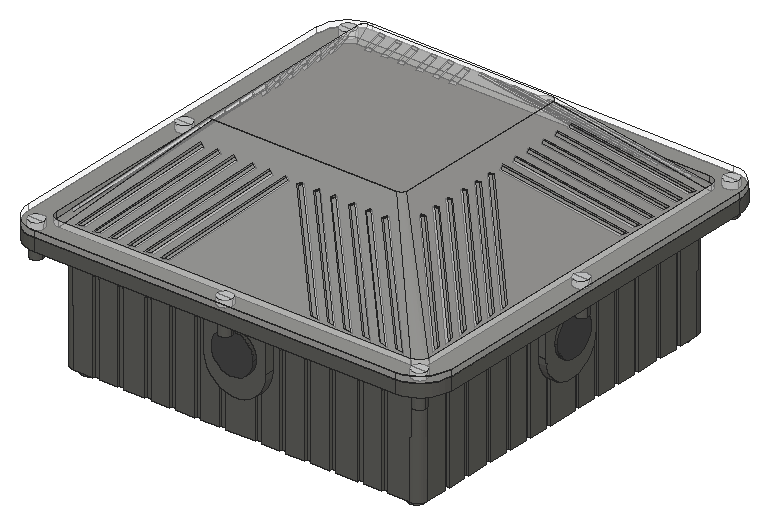
Revit family "SGC", category Lighting Fixtures, host Face, Revit 2021
Family settings
  Host = Face
  Round Connector Dimension = Use Diameter
  Part Type = Normal
  OmniClass Number = 23.80.70.14
  OmniClass Title = Luminaries for External Lighting
  Cut with Voids When Loaded = No
  Light Source = Yes
  Shared = Yes
  Room Calculation Point = No
Parameters (values of type "SGC-20-4K")
  Width 1 = 5.000"
  Width = 11.630"
  Watts = 25 W
  Wattage Comments = "25W"
  Wattage = 25 W
  Warranty = "5 years Warranty"  # constant formula
  built-in parameter 1150110 = 1 (stored number, unit not read)
  Voltage = 120 V
  URL = "https://www.currentlighting.com/exo"
  built-in parameter 1114217 = 1 (stored number, unit not read)
  Tilt Angle = 15.00°
  built-in parameter 1150109 = 1 (stored number, unit not read)
  built-in parameter 1150134 = 12
  built-in parameter 1150113 = 1 (stored number, unit not read)
  Steel = Paint - White Texture
  Reflector Finish = White Glass
  Product Page URL = ""
  Product Documentation URL = ""
  Power Factor = 1
  Photometric Web File = "SGC-20-4K.ies"
  Model = "SGC"  # constant formula
  Manufacturer = "EXO"  # constant formula
  built-in parameter 1150105 = 238.73 (stored number, unit not read)
  Lumens = 3000 lm
  built-in parameter 1150115 = 1 (stored number, unit not read)
  Load Classification = Lighting
  built-in parameter 1150137 = (empty or 0)
  built-in parameter 1150139 = (empty or 0)
  Length = 48.000"
  built-in parameter 1150112 = 1 (stored number, unit not read)
  built-in parameter 1150114 = 1 (stored number, unit not read)
  Lamp = "LED"  # constant formula
  built-in parameter 1150132 = (empty or 0)
  built-in parameter 1150102 = (empty or 0)
  built-in parameter 1150107 = 4000 (stored number, unit not read)
  built-in parameter 1150138 = (empty or 0)
  built-in parameter 1150106 = 2.3873 (stored number, unit not read)
  IP Rating = "IP65"  # constant formula
  Housing Material = Paint - Metallic Bronze Textured
  Features = "Commercial grade LED canopy luminare for use in outdoor applications\r\nsuch a commercial building, retail, government and educational facilities\r\n• Low profile housing with a frosted lens for reduced pixilation and glare\r\n• Available in three wattages; 20W, 40W and 60W\r\n• Two housing finishes including white and dark bronze\r\n• Type 5 distribution"  # constant formula
  built-in parameter 1150104 = 11.148 (stored number, unit not read)
  Dimming Lamp Color Temperature Shift = <None>
  Description = "Sling Canopy"  # constant formula
  Default Elevation = 48.000"
  Copyright = "© EXO"  # constant formula
  Contact = ""
  Connector Description = "Lighting Connector"  # constant formula
  Color Filter = 16777215
  built-in parameter 1114216 [instance] = (empty or 0)
  Certifications = "CSA Certified, DLC Premium"  # constant formula
  Black Housing = Black
  built-in parameter 1114218 = 1 (stored number, unit not read)
  built-in parameter 1150133 = 10 (stored number, unit not read)
  Assembly Code = "D5020200"
  Apparent Load = Watts / Power Factor  # 25 VA
Types (3): name | Watts | Wattage Comments | Wattage | Steel | Photometric Web File | built-in parameter 1150105 | Lumens | built-in parameter 1150106 | Apparent Load
  SGC-20-4K | 25 W | "25W" | 25 W | Paint - White Texture | "SGC-20-4K.ies" | 238.73 (stored number, unit not read) | 3000 lm | 2.3873 (stored number, unit not read) | 25 VA
  SGC-40-4K | 40 W | "40W" | 40 W | White Glass | "SGC-40-4K.ies" | 381.86 (stored number, unit not read) | 4800 lm | 3.8186 (stored number, unit not read) | 40 VA
  SGC-60-4K | 60 W | "60W" | 60 W | Paint - White Texture | "SGC-60-4K.ies" | 572.79 (stored number, unit not read) | 7200 lm | 5.7279 (stored number, unit not read) | 60 VA
Reference planes (in)
  plane 1 "Center (Front/Back)": y = 0
  plane 2: z = 0
  plane 3 "Center (Left/Right)": x = 0
  plane 4: z = 9.34
  plane 5: x = -5.1
  plane 6: x = 5.1
  plane 7: y = 5.1
  plane 8: y = -5.1
  plane 9: z = 5.2809
Forms (in)
  Extrusion 1, solid, material "Paint - Metallic Bronze Textured" <- "Housing Material"
    sketch origin (0, 0, 0) x (1, 0, 0) y (0, 1, 0)
      loop
        arc (-4.35, 5.1) -> (-4.88033, 4.88033) -> (-5.1, 4.35) r 0.75
        line (-5.1, 4.35) -> (-5.1, -4.35)
        arc (-5.1, -4.35) -> (-4.88033, -4.88033) -> (-4.35, -5.1) r 0.75
        line (-4.35, -5.1) -> (4.35, -5.1)
        arc (4.35, -5.1) -> (4.88033, -4.88033) -> (5.1, -4.35) r 0.75
        line (5.1, -4.35) -> (5.1, 4.35)
        arc (5.1, 4.35) -> (4.88033, 4.88033) -> (4.35, 5.1) r 0.75
        line (4.35, 5.1) -> (-4.35, 5.1)
    from 2.8 to 3.1
  Blend 2, solid, material "Paint - Metallic Bronze Textured" <- "Housing Material"
    base sketch origin (0, 0, 0) x (1, 0, 0) y (0, 1, 0)
      loop
        arc (-4.07128, 4.3) -> (-4.23301, 4.23301) -> (-4.3, 4.07128) r 0.22872
        line (-4.3, 4.07128) -> (-4.3, -4.07128)
        arc (-4.3, -4.07128) -> (-4.23301, -4.23301) -> (-4.07128, -4.3) r 0.22872
        line (-4.07128, -4.3) -> (4.07128, -4.3)
        arc (4.07128, -4.3) -> (4.23301, -4.23301) -> (4.3, -4.07128) r 0.22872
        line (4.3, -4.07128) -> (4.3, 4.07128)
        arc (4.3, 4.07128) -> (4.23301, 4.23301) -> (4.07128, 4.3) r 0.22872
        line (4.07128, 4.3) -> (-4.07128, 4.3)
    top sketch origin (0, 0, 0) x (1, 0, 0) y (0, 1, 0)
      loop
        arc (-4.05, 4.3) -> (-4.22678, 4.22678) -> (-4.3, 4.05) r 0.25
        line (-4.3, 4.05) -> (-4.3, -4.05)
        arc (-4.3, -4.05) -> (-4.22678, -4.22678) -> (-4.05, -4.3) r 0.25
        line (-4.05, -4.3) -> (4.05, -4.3)
        arc (4.05, -4.3) -> (4.22678, -4.22678) -> (4.3, -4.05) r 0.25
        line (4.3, -4.05) -> (4.3, 4.05)
        arc (4.3, 4.05) -> (4.22678, 4.22678) -> (4.05, 4.3) r 0.25
        line (4.05, 4.3) -> (-4.05, 4.3)
    from 2.8 to 0
  Blend 3, solid, material "White Glass" <- "Reflector Finish"
    base sketch origin (0, 0, 0) x (1, 0, 0) y (0, 1, 0)
      loop
        arc (-2.28833, -2.15092) -> (-2.24974, -2.24409) -> (-2.15657, -2.28269) r 0.13177
        line (-2.15657, -2.28269) -> (2.11269, -2.28269)
        arc (2.11269, -2.28269) -> (2.20586, -2.24409) -> (2.24445, -2.15092) r 0.13177
        line (2.24445, -2.15092) -> (2.24445, 2.11834)
        arc (2.24445, 2.11834) -> (2.20586, 2.21151) -> (2.11269, 2.2501) r 0.13177
        line (2.11269, 2.2501) -> (-2.15657, 2.2501)
        arc (-2.15657, 2.2501) -> (-2.24974, 2.21151) -> (-2.28833, 2.11834) r 0.13177
        line (-2.28833, 2.11834) -> (-2.28833, -2.15092)
    top sketch origin (0, 0, 0) x (1, 0, 0) y (0, 1, 0)
      loop
        line (4.26064, 4.5) -> (-4.26064, 4.5)
        arc (-4.26064, 4.5) -> (-4.42989, 4.42989) -> (-4.5, 4.26064) r 0.23936
        line (-4.5, 4.26064) -> (-4.5, -4.26064)
        arc (-4.5, -4.26064) -> (-4.42989, -4.42989) -> (-4.26064, -4.5) r 0.23936
        line (-4.26064, -4.5) -> (4.26064, -4.5)
        arc (4.26064, -4.5) -> (4.42989, -4.42989) -> (4.5, -4.26064) r 0.23936
        line (4.5, -4.26064) -> (4.5, 4.26064)
        arc (4.5, 4.26064) -> (4.42989, 4.42989) -> (4.26064, 4.5) r 0.23936
    from 5.2809 to 3.1
  Extrusion 4, solid, material "Paint - Metallic Bronze Textured" <- "Housing Material"
    sketch origin (0, 4.3, 0) x (1, 0, 0) y (0, 0, -1)
      loop
        line (0, -2.8) -> (0.75, -2.8) -> (0.75, -1.675)
        arc (0.75, -1.675) -> (0, -0.925) -> (-0.75, -1.675) r 0.75
        line (-0.75, -1.675) -> (-0.75, -2.8) -> (0, -2.8)
    from 0 to 0.2
  Extrusion 5, void
    sketch origin (0, 0, 1.6875) x (1, 0, 0) y (0, 0, 1)
      loop
        line (-4.56029, 3.96206) -> (-4.56029, 3.34711)
        arc (-4.56029, 3.34711) -> (0.06471, 3.56147) -> (4.68971, 3.34711) r 50
        line (4.68971, 3.34711) -> (4.68971, 3.96206) -> (-4.56029, 3.96206)
    from -4.5 to 4.5
  Extrusion 6, solid, material "Paint - Metallic Bronze Textured" <- "Housing Material"
    sketch origin (0, -4.3, 0) x (1, 0, 0) y (0, 0, 1)
      loop
        line (0, 2.8) -> (-0.75, 2.8) -> (-0.75, 1.675)
        arc (-0.75, 1.675) -> (0, 0.925) -> (0.75, 1.675) r 0.75
        line (0.75, 1.675) -> (0.75, 2.8) -> (0, 2.8)
    from 0 to 0.2
  Extrusion 7, solid, material "Paint - Metallic Bronze Textured" <- "Housing Material"
    sketch origin (-4.3, 0, 0) x (0, 1, 0) y (0, 0, -1)
      loop
        line (0, -2.8) -> (0.75, -2.8) -> (0.75, -1.675)
        arc (0.75, -1.675) -> (0, -0.925) -> (-0.75, -1.675) r 0.75
        line (-0.75, -1.675) -> (-0.75, -2.8) -> (0, -2.8)
    from 0 to 0.2
  Extrusion 8, solid, material "Paint - Metallic Bronze Textured" <- "Housing Material"
    sketch origin (4.3, 0, 0) x (0, 1, 0) y (0, 0, 1)
      loop
        line (0, 2.8) -> (-0.75, 2.8) -> (-0.75, 1.675)
        arc (-0.75, 1.675) -> (0, 0.925) -> (0.75, 1.675) r 0.75
        line (0.75, 1.675) -> (0.75, 2.8) -> (0, 2.8)
    from 0 to 0.2
  Extrusion 9, void
    sketch origin (0, 0, 0) x (1, 0, 0) y (0, 0, 1)
      loop
        line (-3.5891, -0.00681) -> (-3.4391, -0.00681) -> (-3.4391, 2.17756)
        arc (-3.4391, 2.17756) -> (-3.5141, 2.25256) -> (-3.5891, 2.17756) r 0.075
        line (-3.5891, 2.17756) -> (-3.5891, -0.00681)
      loop
        line (-3.00518, -0.00681) -> (-2.85518, -0.00681) -> (-2.85518, 2.17756)
        arc (-2.85518, 2.17756) -> (-2.93018, 2.25256) -> (-3.00518, 2.17756) r 0.075
        line (-3.00518, 2.17756) -> (-3.00518, -0.00681)
      loop
        line (-2.33051, -0.00681) -> (-2.18051, -0.00681) -> (-2.18051, 2.17756)
        arc (-2.18051, 2.17756) -> (-2.25551, 2.25256) -> (-2.33051, 2.17756) r 0.075
        line (-2.33051, 2.17756) -> (-2.33051, -0.00681)
      loop
        line (-1.73484, -0.00681) -> (-1.58484, -0.00681) -> (-1.58484, 2.17756)
        arc (-1.58484, 2.17756) -> (-1.65984, 2.25256) -> (-1.73484, 2.17756) r 0.075
        line (-1.73484, 2.17756) -> (-1.73484, -0.00681)
      loop
        line (-1.13569, -0.00681) -> (-0.98569, -0.00681) -> (-0.98569, 2.17756)
        arc (-0.98569, 2.17756) -> (-1.06069, 2.25256) -> (-1.13569, 2.17756) r 0.075
        line (-1.13569, 2.17756) -> (-1.13569, -0.00681)
      loop
        line (-0.54002, -0.00681) -> (-0.39002, -0.00681) -> (-0.39002, 2.17756)
        arc (-0.39002, 2.17756) -> (-0.46502, 2.25256) -> (-0.54002, 2.17756) r 0.075
        line (-0.54002, 2.17756) -> (-0.54002, -0.00681)
      loop
        line (3.5266, -0.00681) -> (3.5266, 2.17756)
        arc (3.5266, 2.17756) -> (3.4516, 2.25256) -> (3.3766, 2.17756) r 0.075
        line (3.3766, 2.17756) -> (3.3766, -0.00681) -> (3.5266, -0.00681)
      loop
        line (2.94268, -0.00681) -> (2.94268, 2.17756)
        arc (2.94268, 2.17756) -> (2.86768, 2.25256) -> (2.79268, 2.17756) r 0.075
        line (2.79268, 2.17756) -> (2.79268, -0.00681) -> (2.94268, -0.00681)
      loop
        line (2.26801, -0.00681) -> (2.26801, 2.17756)
        arc (2.26801, 2.17756) -> (2.19301, 2.25256) -> (2.11801, 2.17756) r 0.075
        line (2.11801, 2.17756) -> (2.11801, -0.00681) -> (2.26801, -0.00681)
      loop
        line (1.67234, -0.00681) -> (1.67234, 2.17756)
        arc (1.67234, 2.17756) -> (1.59734, 2.25256) -> (1.52234, 2.17756) r 0.075
        line (1.52234, 2.17756) -> (1.52234, -0.00681) -> (1.67234, -0.00681)
      loop
        line (1.07319, -0.00681) -> (1.07319, 2.17756)
        arc (1.07319, 2.17756) -> (0.99819, 2.25256) -> (0.92319, 2.17756) r 0.075
        line (0.92319, 2.17756) -> (0.92319, -0.00681) -> (1.07319, -0.00681)
      loop
        line (0.47752, -0.00681) -> (0.47752, 2.17756)
        arc (0.47752, 2.17756) -> (0.40252, 2.25256) -> (0.32752, 2.17756) r 0.075
        line (0.32752, 2.17756) -> (0.32752, -0.00681) -> (0.47752, -0.00681)
    from 4.24632 to 4.3
  Extrusion 10, void
    sketch origin (0, 0, 0) x (1, 0, 0) y (0, 0, -1)
      loop
        line (-3.5891, 0.00681) -> (-3.5891, -2.17756)
        arc (-3.5891, -2.17756) -> (-3.5141, -2.25256) -> (-3.4391, -2.17756) r 0.075
        line (-3.4391, -2.17756) -> (-3.4391, 0.00681) -> (-3.5891, 0.00681)
      loop
        line (-3.00518, 0.00681) -> (-3.00518, -2.17756)
        arc (-3.00518, -2.17756) -> (-2.93018, -2.25256) -> (-2.85518, -2.17756) r 0.075
        line (-2.85518, -2.17756) -> (-2.85518, 0.00681) -> (-3.00518, 0.00681)
      loop
        line (-2.33051, 0.00681) -> (-2.33051, -2.17756)
        arc (-2.33051, -2.17756) -> (-2.25551, -2.25256) -> (-2.18051, -2.17756) r 0.075
        line (-2.18051, -2.17756) -> (-2.18051, 0.00681) -> (-2.33051, 0.00681)
      loop
        line (-1.73484, 0.00681) -> (-1.73484, -2.17756)
        arc (-1.73484, -2.17756) -> (-1.65984, -2.25256) -> (-1.58484, -2.17756) r 0.075
        line (-1.58484, -2.17756) -> (-1.58484, 0.00681) -> (-1.73484, 0.00681)
      loop
        line (-1.13569, 0.00681) -> (-1.13569, -2.17756)
        arc (-1.13569, -2.17756) -> (-1.06069, -2.25256) -> (-0.98569, -2.17756) r 0.075
        line (-0.98569, -2.17756) -> (-0.98569, 0.00681) -> (-1.13569, 0.00681)
      loop
        line (-0.54002, 0.00681) -> (-0.54002, -2.17756)
        arc (-0.54002, -2.17756) -> (-0.46502, -2.25256) -> (-0.39002, -2.17756) r 0.075
        line (-0.39002, -2.17756) -> (-0.39002, 0.00681) -> (-0.54002, 0.00681)
      loop
        line (3.5266, 0.00681) -> (3.3766, 0.00681) -> (3.3766, -2.17756)
        arc (3.3766, -2.17756) -> (3.4516, -2.25256) -> (3.5266, -2.17756) r 0.075
        line (3.5266, -2.17756) -> (3.5266, 0.00681)
      loop
        line (2.94268, 0.00681) -> (2.79268, 0.00681) -> (2.79268, -2.17756)
        arc (2.79268, -2.17756) -> (2.86768, -2.25256) -> (2.94268, -2.17756) r 0.075
        line (2.94268, -2.17756) -> (2.94268, 0.00681)
      loop
        line (2.26801, 0.00681) -> (2.11801, 0.00681) -> (2.11801, -2.17756)
        arc (2.11801, -2.17756) -> (2.19301, -2.25256) -> (2.26801, -2.17756) r 0.075
        line (2.26801, -2.17756) -> (2.26801, 0.00681)
      loop
        line (1.67234, 0.00681) -> (1.52234, 0.00681) -> (1.52234, -2.17756)
        arc (1.52234, -2.17756) -> (1.59734, -2.25256) -> (1.67234, -2.17756) r 0.075
        line (1.67234, -2.17756) -> (1.67234, 0.00681)
      loop
        line (1.07319, 0.00681) -> (0.92319, 0.00681) -> (0.92319, -2.17756)
        arc (0.92319, -2.17756) -> (0.99819, -2.25256) -> (1.07319, -2.17756) r 0.075
        line (1.07319, -2.17756) -> (1.07319, 0.00681)
      loop
        line (0.47752, 0.00681) -> (0.32752, 0.00681) -> (0.32752, -2.17756)
        arc (0.32752, -2.17756) -> (0.40252, -2.25256) -> (0.47752, -2.17756) r 0.075
        line (0.47752, -2.17756) -> (0.47752, 0.00681)
    from 4.24632 to 4.3
  Extrusion 11, void
    sketch origin (-0.03125, 0.03125, 0) x (0, 1, 0) y (0, 0, 1)
      loop
        line (-3.5891, -0.00681) -> (-3.4391, -0.00681) -> (-3.4391, 2.17756)
        arc (-3.4391, 2.17756) -> (-3.5141, 2.25256) -> (-3.5891, 2.17756) r 0.075
        line (-3.5891, 2.17756) -> (-3.5891, -0.00681)
      loop
        line (-3.00518, -0.00681) -> (-2.85518, -0.00681) -> (-2.85518, 2.17756)
        arc (-2.85518, 2.17756) -> (-2.93018, 2.25256) -> (-3.00518, 2.17756) r 0.075
        line (-3.00518, 2.17756) -> (-3.00518, -0.00681)
      loop
        line (-2.33051, -0.00681) -> (-2.18051, -0.00681) -> (-2.18051, 2.17756)
        arc (-2.18051, 2.17756) -> (-2.25551, 2.25256) -> (-2.33051, 2.17756) r 0.075
        line (-2.33051, 2.17756) -> (-2.33051, -0.00681)
      loop
        line (-1.73484, -0.00681) -> (-1.58484, -0.00681) -> (-1.58484, 2.17756)
        arc (-1.58484, 2.17756) -> (-1.65984, 2.25256) -> (-1.73484, 2.17756) r 0.075
        line (-1.73484, 2.17756) -> (-1.73484, -0.00681)
      loop
        line (-1.13569, -0.00681) -> (-0.98569, -0.00681) -> (-0.98569, 2.17756)
        arc (-0.98569, 2.17756) -> (-1.06069, 2.25256) -> (-1.13569, 2.17756) r 0.075
        line (-1.13569, 2.17756) -> (-1.13569, -0.00681)
      loop
        line (-0.54002, -0.00681) -> (-0.39002, -0.00681) -> (-0.39002, 2.17756)
        arc (-0.39002, 2.17756) -> (-0.46502, 2.25256) -> (-0.54002, 2.17756) r 0.075
        line (-0.54002, 2.17756) -> (-0.54002, -0.00681)
      loop
        line (3.5266, -0.00681) -> (3.5266, 2.17756)
        arc (3.5266, 2.17756) -> (3.4516, 2.25256) -> (3.3766, 2.17756) r 0.075
        line (3.3766, 2.17756) -> (3.3766, -0.00681) -> (3.5266, -0.00681)
      loop
        line (2.94268, -0.00681) -> (2.94268, 2.17756)
        arc (2.94268, 2.17756) -> (2.86768, 2.25256) -> (2.79268, 2.17756) r 0.075
        line (2.79268, 2.17756) -> (2.79268, -0.00681) -> (2.94268, -0.00681)
      loop
        line (2.26801, -0.00681) -> (2.26801, 2.17756)
        arc (2.26801, 2.17756) -> (2.19301, 2.25256) -> (2.11801, 2.17756) r 0.075
        line (2.11801, 2.17756) -> (2.11801, -0.00681) -> (2.26801, -0.00681)
      loop
        line (1.67234, -0.00681) -> (1.67234, 2.17756)
        arc (1.67234, 2.17756) -> (1.59734, 2.25256) -> (1.52234, 2.17756) r 0.075
        line (1.52234, 2.17756) -> (1.52234, -0.00681) -> (1.67234, -0.00681)
      loop
        line (1.07319, -0.00681) -> (1.07319, 2.17756)
        arc (1.07319, 2.17756) -> (0.99819, 2.25256) -> (0.92319, 2.17756) r 0.075
        line (0.92319, 2.17756) -> (0.92319, -0.00681) -> (1.07319, -0.00681)
      loop
        line (0.47752, -0.00681) -> (0.47752, 2.17756)
        arc (0.47752, 2.17756) -> (0.40252, 2.25256) -> (0.32752, 2.17756) r 0.075
        line (0.32752, 2.17756) -> (0.32752, -0.00681) -> (0.47752, -0.00681)
    from 4.24632 to 4.33125
  Extrusion 12, void
    sketch origin (-0.03125, 0.03125, 0) x (0, 1, 0) y (0, 0, -1)
      loop
        line (-3.5891, 0.00681) -> (-3.5891, -2.17756)
        arc (-3.5891, -2.17756) -> (-3.5141, -2.25256) -> (-3.4391, -2.17756) r 0.075
        line (-3.4391, -2.17756) -> (-3.4391, 0.00681) -> (-3.5891, 0.00681)
      loop
        line (-3.00518, 0.00681) -> (-3.00518, -2.17756)
        arc (-3.00518, -2.17756) -> (-2.93018, -2.25256) -> (-2.85518, -2.17756) r 0.075
        line (-2.85518, -2.17756) -> (-2.85518, 0.00681) -> (-3.00518, 0.00681)
      loop
        line (-2.33051, 0.00681) -> (-2.33051, -2.17756)
        arc (-2.33051, -2.17756) -> (-2.25551, -2.25256) -> (-2.18051, -2.17756) r 0.075
        line (-2.18051, -2.17756) -> (-2.18051, 0.00681) -> (-2.33051, 0.00681)
      loop
        line (-1.73484, 0.00681) -> (-1.73484, -2.17756)
        arc (-1.73484, -2.17756) -> (-1.65984, -2.25256) -> (-1.58484, -2.17756) r 0.075
        line (-1.58484, -2.17756) -> (-1.58484, 0.00681) -> (-1.73484, 0.00681)
      loop
        line (-1.13569, 0.00681) -> (-1.13569, -2.17756)
        arc (-1.13569, -2.17756) -> (-1.06069, -2.25256) -> (-0.98569, -2.17756) r 0.075
        line (-0.98569, -2.17756) -> (-0.98569, 0.00681) -> (-1.13569, 0.00681)
      loop
        line (-0.54002, 0.00681) -> (-0.54002, -2.17756)
        arc (-0.54002, -2.17756) -> (-0.46502, -2.25256) -> (-0.39002, -2.17756) r 0.075
        line (-0.39002, -2.17756) -> (-0.39002, 0.00681) -> (-0.54002, 0.00681)
      loop
        line (3.5266, 0.00681) -> (3.3766, 0.00681) -> (3.3766, -2.17756)
        arc (3.3766, -2.17756) -> (3.4516, -2.25256) -> (3.5266, -2.17756) r 0.075
        line (3.5266, -2.17756) -> (3.5266, 0.00681)
      loop
        line (2.94268, 0.00681) -> (2.79268, 0.00681) -> (2.79268, -2.17756)
        arc (2.79268, -2.17756) -> (2.86768, -2.25256) -> (2.94268, -2.17756) r 0.075
        line (2.94268, -2.17756) -> (2.94268, 0.00681)
      loop
        line (2.26801, 0.00681) -> (2.11801, 0.00681) -> (2.11801, -2.17756)
        arc (2.11801, -2.17756) -> (2.19301, -2.25256) -> (2.26801, -2.17756) r 0.075
        line (2.26801, -2.17756) -> (2.26801, 0.00681)
      loop
        line (1.67234, 0.00681) -> (1.52234, 0.00681) -> (1.52234, -2.17756)
        arc (1.52234, -2.17756) -> (1.59734, -2.25256) -> (1.67234, -2.17756) r 0.075
        line (1.67234, -2.17756) -> (1.67234, 0.00681)
      loop
        line (1.07319, 0.00681) -> (0.92319, 0.00681) -> (0.92319, -2.17756)
        arc (0.92319, -2.17756) -> (0.99819, -2.25256) -> (1.07319, -2.17756) r 0.075
        line (1.07319, -2.17756) -> (1.07319, 0.00681)
      loop
        line (0.47752, 0.00681) -> (0.32752, 0.00681) -> (0.32752, -2.17756)
        arc (0.32752, -2.17756) -> (0.40252, -2.25256) -> (0.47752, -2.17756) r 0.075
        line (0.47752, -2.17756) -> (0.47752, 0.00681)
    from 4.24632 to 4.3
  Extrusion 13, void
    sketch origin (0.49368, -2.24927, 5.31377) x (1, 0, 0) y (0, -0.712936, -0.701229)
      loop
        line (-4.26622, 2.96281) -> (-4.43783, 2.99079) -> (-2.75083, 0.64659) -> (-2.65104, 0.71841) -> (-4.26622, 2.96281)
    from 0 to 0.075
  Extrusion 14, void
    sketch origin (0.89657, -2.24927, 5.31377) x (1, 0, 0) y (0, -0.712936, -0.701229)
      loop
        line (-4.26622, 2.96281) -> (-4.43783, 2.99079) -> (-2.75083, 0.64659) -> (-2.65104, 0.71841) -> (-4.26622, 2.96281)
    from 0 to 0.075
  Extrusion 15, void
    sketch origin (1.29237, -2.24927, 5.31377) x (1, 0, 0) y (0, -0.712936, -0.701229)
      loop
        line (-4.26622, 2.96281) -> (-4.43783, 2.99079) -> (-2.75083, 0.64659) -> (-2.65104, 0.71841) -> (-4.26622, 2.96281)
    from 0 to 0.075
  Extrusion 16, void
    sketch origin (1.74368, -2.24927, 5.31377) x (1, 0, 0) y (0, -0.712936, -0.701229)
      loop
        line (-4.26622, 2.96281) -> (-4.43783, 2.99079) -> (-2.75083, 0.64659) -> (-2.65104, 0.71841) -> (-4.26622, 2.96281)
    from 0 to 0.075
  Extrusion 17, void
    sketch origin (2.14657, -2.24927, 5.31377) x (1, 0, 0) y (0, -0.712936, -0.701229)
      loop
        line (-4.26622, 2.96281) -> (-4.43783, 2.99079) -> (-2.75083, 0.64659) -> (-2.65104, 0.71841) -> (-4.26622, 2.96281)
    from 0 to 0.075
  Extrusion 18, void
    sketch origin (2.54237, -2.24927, 5.31377) x (1, 0, 0) y (0, -0.712936, -0.701229)
      loop
        line (-4.26622, 2.96281) -> (-4.43783, 2.99079) -> (-2.75083, 0.64659) -> (-2.65104, 0.71841) -> (-4.26622, 2.96281)
    from 0 to 0.075
  Extrusion 19, void
    sketch origin (-0.49368, -2.24927, 5.31377) x (-1, 0, 0) y (0, 0.712936, 0.701229)
      loop
        line (-4.26622, -2.96281) -> (-2.65104, -0.71841) -> (-2.75083, -0.64659) -> (-4.43783, -2.99079) -> (-4.26622, -2.96281)
    from 0 to 0.075
  Extrusion 20, void
    sketch origin (-0.89657, -2.24927, 5.31377) x (-1, 0, 0) y (0, 0.712936, 0.701229)
      loop
        line (-4.26622, -2.96281) -> (-2.65104, -0.71841) -> (-2.75083, -0.64659) -> (-4.43783, -2.99079) -> (-4.26622, -2.96281)
    from 0 to 0.075
  Extrusion 21, void
    sketch origin (-1.29237, -2.24927, 5.31377) x (-1, 0, 0) y (0, 0.712936, 0.701229)
      loop
        line (-4.26622, -2.96281) -> (-2.65104, -0.71841) -> (-2.75083, -0.64659) -> (-4.43783, -2.99079) -> (-4.26622, -2.96281)
    from 0 to 0.075
  Extrusion 22, void
    sketch origin (-1.74368, -2.24927, 5.31377) x (-1, 0, 0) y (0, 0.712936, 0.701229)
      loop
        line (-4.26622, -2.96281) -> (-2.65104, -0.71841) -> (-2.75083, -0.64659) -> (-4.43783, -2.99079) -> (-4.26622, -2.96281)
    from 0 to 0.075
  Extrusion 23, void
    sketch origin (-2.14657, -2.24927, 5.31377) x (-1, 0, 0) y (0, 0.712936, 0.701229)
      loop
        line (-4.26622, -2.96281) -> (-2.65104, -0.71841) -> (-2.75083, -0.64659) -> (-4.43783, -2.99079) -> (-4.26622, -2.96281)
    from 0 to 0.075
  Extrusion 24, void
    sketch origin (-2.54237, -2.24927, 5.31377) x (-1, 0, 0) y (0, 0.712936, 0.701229)
      loop
        line (-4.26622, -2.96281) -> (-2.65104, -0.71841) -> (-2.75083, -0.64659) -> (-4.43783, -2.99079) -> (-4.26622, -2.96281)
    from 0 to 0.075
  Extrusion 25, solid, material "Black" <- "Black Housing"
    sketch origin (0, 0, 0) x (1, 0, 0) y (0, 0, 1)
      loop
        circle (0, 1.91191) r 0.5
    from 4.5 to 4.58956
  Extrusion 26, solid, material "Black" <- "Black Housing"
    sketch origin (0, 0, 0) x (1, 0, 0) y (0, 0, -1)
      loop
        circle (0, -1.91191) r 0.5
    from 4.5 to 4.58956
  Extrusion 27, solid, material "Black" <- "Black Housing"
    sketch origin (0, 0, 0) x (0, 1, 0) y (0, 0, 1)
      loop
        circle (0, 1.91191) r 0.5
    from 4.5 to 4.58956
  Extrusion 28, solid, material "Black" <- "Black Housing"
    sketch origin (0, 0, 0) x (0, 1, 0) y (0, 0, -1)
      loop
        circle (0, -1.91191) r 0.5
    from 4.5 to 4.58956
  Extrusion 29, solid, material "Paint - Metallic Bronze Textured" <- "Housing Material"
    sketch origin (0, 0, 0) x (1, 0, 0) y (0, 1, 0)
      loop
        circle (-3.95092, 3.95447) r 0.2
      loop
        circle (3.95092, 3.95447) r 0.2
      loop
        circle (-3.95092, -3.95447) r 0.2
      loop
        circle (3.95092, -3.95447) r 0.2
    from -0.14053 to 0.2
  Extrusion 30, solid, material "Paint - Metallic Bronze Textured" <- "Housing Material"
    sketch origin (0, 0, 0) x (1, 0, 0) y (0, 1, 0)
      loop
        circle (-4.63626, 4.70519) r 0.15
      loop
        circle (0, 4.83019) r 0.15
      loop
        circle (4.61848, 4.70519) r 0.15
      loop
        circle (-4.63626, -4.70519) r 0.15
      loop
        circle (0, -4.79894) r 0.15
      loop
        circle (4.61848, -4.70519) r 0.15
      loop
        circle (-4.79251, -0.03917) r 0.15
      loop
        circle (4.79499, -0.03917) r 0.15
    from 2.44284 to 2.8
  Extrusion 31, solid, material "White Glass" <- "Reflector Finish"
    sketch origin (0, 0, 0) x (1, 0, 0) y (0, 1, 0)
      loop
        line (-5.1, 4.35) -> (-5.1, -4.35)
        arc (-5.1, -4.35) -> (-4.88033, -4.88033) -> (-4.35, -5.1) r 0.75
        line (-4.35, -5.1) -> (4.35, -5.1)
        arc (4.35, -5.1) -> (4.88033, -4.88033) -> (5.1, -4.35) r 0.75
        line (5.1, -4.35) -> (5.1, 4.35)
        arc (5.1, 4.35) -> (4.88033, 4.88033) -> (4.35, 5.1) r 0.75
        line (4.35, 5.1) -> (-4.35, 5.1)
        arc (-4.35, 5.1) -> (-4.88033, 4.88033) -> (-5.1, 4.35) r 0.75
      loop
        arc (-4.25, 4.5) -> (-4.42678, 4.42678) -> (-4.5, 4.25) r 0.25
        line (-4.5, 4.25) -> (-4.5, -4.25)
        arc (-4.5, -4.25) -> (-4.42678, -4.42678) -> (-4.25, -4.5) r 0.25
        line (-4.25, -4.5) -> (4.25, -4.5)
        arc (4.25, -4.5) -> (4.42678, -4.42678) -> (4.5, -4.25) r 0.25
        line (4.5, -4.25) -> (4.5, 4.25)
        arc (4.5, 4.25) -> (4.42678, 4.42678) -> (4.25, 4.5) r 0.25
        line (4.25, 4.5) -> (-4.25, 4.5)
    from 3.1 to 3.25375
  Revolve 32, solid, material "Paint - White Texture" <- "Steel"
    sketch origin (0.17647, -0.04052, 0) x (1, 0, 0) y (0, 0, 1)
      loop
        line (4.61848, 3.24814) -> (4.61848, 2.8) -> (4.69162, 2.8) -> (4.69162, 3.09746) -> (4.79832, 3.09746) -> (4.79832, 3.24814) -> (4.61848, 3.24814)
      axis (4.61848, 2.8) -> (4.61848, 3.24814)
    angle from 0 to 360
  Revolve 33, solid, material "Paint - White Texture" <- "Steel"
    sketch origin (-0.00332, 4.71005, 0) x (1, 0, 0) y (0, 0, 1)
      loop
        line (4.61848, 3.24814) -> (4.61848, 2.8) -> (4.69162, 2.8) -> (4.69162, 3.09746) -> (4.79832, 3.09746) -> (4.79832, 3.24814) -> (4.61848, 3.24814)
      axis (4.61848, 2.8) -> (4.61848, 3.24814)
    angle from 0 to 360
  Revolve 34, solid, material "Paint - White Texture" <- "Steel"
    sketch origin (-0.00332, -4.70236, 0) x (1, 0, 0) y (0, 0, 1)
      loop
        line (4.61848, 3.24814) -> (4.61848, 2.8) -> (4.69162, 2.8) -> (4.69162, 3.09746) -> (4.79832, 3.09746) -> (4.79832, 3.24814) -> (4.61848, 3.24814)
      axis (4.61848, 2.8) -> (4.61848, 3.24814)
    angle from 0 to 360
  Revolve 35, solid, material "Paint - White Texture" <- "Steel"
    sketch origin (-9.24704, -4.70236, 0) x (1, 0, 0) y (0, 0, 1)
      loop
        line (4.61848, 3.24814) -> (4.61848, 2.8) -> (4.69162, 2.8) -> (4.69162, 3.09746) -> (4.79832, 3.09746) -> (4.79832, 3.24814) -> (4.61848, 3.24814)
      axis (4.61848, 2.8) -> (4.61848, 3.24814)
    angle from 0 to 360
  Revolve 36, solid, material "Paint - White Texture" <- "Steel"
    sketch origin (-4.62064, -4.80032, 0) x (1, 0, 0) y (0, 0, 1)
      loop
        line (4.61848, 3.24814) -> (4.61848, 2.8) -> (4.69162, 2.8) -> (4.69162, 3.09746) -> (4.79832, 3.09746) -> (4.79832, 3.24814) -> (4.61848, 3.24814)
      axis (4.61848, 2.8) -> (4.61848, 3.24814)
    angle from 0 to 360
  Revolve 37, solid, material "Paint - White Texture" <- "Steel"
    sketch origin (-9.40934, -0.04287, 0) x (1, 0, 0) y (0, 0, 1)
      loop
        line (4.61848, 3.24814) -> (4.61848, 2.8) -> (4.69162, 2.8) -> (4.69162, 3.09746) -> (4.79832, 3.09746) -> (4.79832, 3.24814) -> (4.61848, 3.24814)
      axis (4.61848, 2.8) -> (4.61848, 3.24814)
    angle from 0 to 360
  Revolve 38, solid, material "Paint - White Texture" <- "Steel"
    sketch origin (-9.25138, 4.70423, 0) x (1, 0, 0) y (0, 0, 1)
      loop
        line (4.61848, 3.24814) -> (4.61848, 2.8) -> (4.69162, 2.8) -> (4.69162, 3.09746) -> (4.79832, 3.09746) -> (4.79832, 3.24814) -> (4.61848, 3.24814)
      axis (4.61848, 2.8) -> (4.61848, 3.24814)
    angle from 0 to 360
  Revolve 39, solid, material "Paint - White Texture" <- "Steel"
    sketch origin (-4.62056, 4.83497, 0) x (1, 0, 0) y (0, 0, 1)
      loop
        line (4.61848, 3.24814) -> (4.61848, 2.8) -> (4.69162, 2.8) -> (4.69162, 3.09746) -> (4.79832, 3.09746) -> (4.79832, 3.24814) -> (4.61848, 3.24814)
      axis (4.61848, 2.8) -> (4.61848, 3.24814)
    angle from 0 to 360
  Extrusion 40, void
    sketch origin (0.49368, 2.24927, 5.31377) x (1, 0, 0) y (0, -0.712936, 0.701229)
      loop
        line (-4.26622, -2.96281) -> (-2.65104, -0.71841) -> (-2.75083, -0.64659) -> (-4.43783, -2.99079) -> (-4.26622, -2.96281)
    from 0 to 0.075
  Extrusion 41, void
    sketch origin (0.89657, 2.24927, 5.31377) x (1, 0, 0) y (0, -0.712936, 0.701229)
      loop
        line (-4.26622, -2.96281) -> (-2.65104, -0.71841) -> (-2.75083, -0.64659) -> (-4.43783, -2.99079) -> (-4.26622, -2.96281)
    from 0 to 0.075
  Extrusion 42, void
    sketch origin (1.29237, 2.24927, 5.31377) x (1, 0, 0) y (0, -0.712936, 0.701229)
      loop
        line (-4.26622, -2.96281) -> (-2.65104, -0.71841) -> (-2.75083, -0.64659) -> (-4.43783, -2.99079) -> (-4.26622, -2.96281)
    from 0 to 0.075
  Extrusion 43, void
    sketch origin (1.74368, 2.24927, 5.31377) x (1, 0, 0) y (0, -0.712936, 0.701229)
      loop
        line (-4.26622, -2.96281) -> (-2.65104, -0.71841) -> (-2.75083, -0.64659) -> (-4.43783, -2.99079) -> (-4.26622, -2.96281)
    from 0 to 0.075
  Extrusion 44, void
    sketch origin (2.14657, 2.24927, 5.31377) x (1, 0, 0) y (0, -0.712936, 0.701229)
      loop
        line (-4.26622, -2.96281) -> (-2.65104, -0.71841) -> (-2.75083, -0.64659) -> (-4.43783, -2.99079) -> (-4.26622, -2.96281)
    from 0 to 0.075
  Extrusion 45, void
    sketch origin (2.54237, 2.24927, 5.31377) x (1, 0, 0) y (0, -0.712936, 0.701229)
      loop
        line (-4.26622, -2.96281) -> (-2.65104, -0.71841) -> (-2.75083, -0.64659) -> (-4.43783, -2.99079) -> (-4.26622, -2.96281)
    from 0 to 0.075
  Extrusion 46, void
    sketch origin (-0.49368, 2.24927, 5.31377) x (-1, 0, 0) y (0, 0.712936, -0.701229)
      loop
        line (-4.26622, 2.96281) -> (-4.43783, 2.99079) -> (-2.75083, 0.64659) -> (-2.65104, 0.71841) -> (-4.26622, 2.96281)
    from 0 to 0.075
  Extrusion 47, void
    sketch origin (-0.89657, 2.24927, 5.31377) x (-1, 0, 0) y (0, 0.712936, -0.701229)
      loop
        line (-4.26622, 2.96281) -> (-4.43783, 2.99079) -> (-2.75083, 0.64659) -> (-2.65104, 0.71841) -> (-4.26622, 2.96281)
    from 0 to 0.075
  Extrusion 48, void
    sketch origin (-1.29237, 2.24927, 5.31377) x (-1, 0, 0) y (0, 0.712936, -0.701229)
      loop
        line (-4.26622, 2.96281) -> (-4.43783, 2.99079) -> (-2.75083, 0.64659) -> (-2.65104, 0.71841) -> (-4.26622, 2.96281)
    from 0 to 0.075
  Extrusion 49, void
    sketch origin (-1.74368, 2.24927, 5.31377) x (-1, 0, 0) y (0, 0.712936, -0.701229)
      loop
        line (-4.26622, 2.96281) -> (-4.43783, 2.99079) -> (-2.75083, 0.64659) -> (-2.65104, 0.71841) -> (-4.26622, 2.96281)
    from 0 to 0.075
  Extrusion 50, void
    sketch origin (-2.14657, 2.24927, 5.31377) x (-1, 0, 0) y (0, 0.712936, -0.701229)
      loop
        line (-4.26622, 2.96281) -> (-4.43783, 2.99079) -> (-2.75083, 0.64659) -> (-2.65104, 0.71841) -> (-4.26622, 2.96281)
    from 0 to 0.075
  Extrusion 51, void
    sketch origin (-2.54237, 2.24927, 5.31377) x (-1, 0, 0) y (0, 0.712936, -0.701229)
      loop
        line (-4.26622, 2.96281) -> (-4.43783, 2.99079) -> (-2.75083, 0.64659) -> (-2.65104, 0.71841) -> (-4.26622, 2.96281)
    from 0 to 0.075
  Extrusion 52, void
    sketch origin (2.24927, 0.49368, 5.31377) x (0, 1, 0) y (0.712936, 0, -0.701229)
      loop
        line (-4.26622, 2.96281) -> (-4.43783, 2.99079) -> (-2.75083, 0.64659) -> (-2.65104, 0.71841) -> (-4.26622, 2.96281)
    from 0 to 0.075
  Extrusion 53, void
    sketch origin (2.24927, 0.89657, 5.31377) x (0, 1, 0) y (0.712936, 0, -0.701229)
      loop
        line (-4.26622, 2.96281) -> (-4.43783, 2.99079) -> (-2.75083, 0.64659) -> (-2.65104, 0.71841) -> (-4.26622, 2.96281)
    from 0 to 0.075
  Extrusion 54, void
    sketch origin (2.24927, 1.29237, 5.31377) x (0, 1, 0) y (0.712936, 0, -0.701229)
      loop
        line (-4.26622, 2.96281) -> (-4.43783, 2.99079) -> (-2.75083, 0.64659) -> (-2.65104, 0.71841) -> (-4.26622, 2.96281)
    from 0 to 0.075
  Extrusion 55, void
    sketch origin (2.24927, 1.74368, 5.31377) x (0, 1, 0) y (0.712936, 0, -0.701229)
      loop
        line (-4.26622, 2.96281) -> (-4.43783, 2.99079) -> (-2.75083, 0.64659) -> (-2.65104, 0.71841) -> (-4.26622, 2.96281)
    from 0 to 0.075
  Extrusion 56, void
    sketch origin (2.24927, 2.14657, 5.31377) x (0, 1, 0) y (0.712936, 0, -0.701229)
      loop
        line (-4.26622, 2.96281) -> (-4.43783, 2.99079) -> (-2.75083, 0.64659) -> (-2.65104, 0.71841) -> (-4.26622, 2.96281)
    from 0 to 0.075
  Extrusion 57, void
    sketch origin (2.24927, 2.54237, 5.31377) x (0, 1, 0) y (0.712936, 0, -0.701229)
      loop
        line (-4.26622, 2.96281) -> (-4.43783, 2.99079) -> (-2.75083, 0.64659) -> (-2.65104, 0.71841) -> (-4.26622, 2.96281)
    from 0 to 0.075
  Extrusion 58, void
    sketch origin (2.24927, -0.49368, 5.31377) x (0, -1, 0) y (-0.712936, 0, 0.701229)
      loop
        line (-4.26622, -2.96281) -> (-2.65104, -0.71841) -> (-2.75083, -0.64659) -> (-4.43783, -2.99079) -> (-4.26622, -2.96281)
    from 0 to 0.075
  Extrusion 59, void
    sketch origin (2.24927, -0.89657, 5.31377) x (0, -1, 0) y (-0.712936, 0, 0.701229)
      loop
        line (-4.26622, -2.96281) -> (-2.65104, -0.71841) -> (-2.75083, -0.64659) -> (-4.43783, -2.99079) -> (-4.26622, -2.96281)
    from 0 to 0.075
  Extrusion 60, void
    sketch origin (2.24927, -1.29237, 5.31377) x (0, -1, 0) y (-0.712936, 0, 0.701229)
      loop
        line (-4.26622, -2.96281) -> (-2.65104, -0.71841) -> (-2.75083, -0.64659) -> (-4.43783, -2.99079) -> (-4.26622, -2.96281)
    from 0 to 0.075
  Extrusion 61, void
    sketch origin (2.24927, -1.74368, 5.31377) x (0, -1, 0) y (-0.712936, 0, 0.701229)
      loop
        line (-4.26622, -2.96281) -> (-2.65104, -0.71841) -> (-2.75083, -0.64659) -> (-4.43783, -2.99079) -> (-4.26622, -2.96281)
    from 0 to 0.075
  Extrusion 62, void
    sketch origin (2.24927, -2.14657, 5.31377) x (0, -1, 0) y (-0.712936, 0, 0.701229)
      loop
        line (-4.26622, -2.96281) -> (-2.65104, -0.71841) -> (-2.75083, -0.64659) -> (-4.43783, -2.99079) -> (-4.26622, -2.96281)
    from 0 to 0.075
  Extrusion 63, void
    sketch origin (2.24927, -2.54237, 5.31377) x (0, -1, 0) y (-0.712936, 0, 0.701229)
      loop
        line (-4.26622, -2.96281) -> (-2.65104, -0.71841) -> (-2.75083, -0.64659) -> (-4.43783, -2.99079) -> (-4.26622, -2.96281)
    from 0 to 0.075
  Extrusion 64, void
    sketch origin (-2.24927, 0.49368, 5.31377) x (0, 1, 0) y (0.712936, 0, 0.701229)
      loop
        line (-4.26622, -2.96281) -> (-2.65104, -0.71841) -> (-2.75083, -0.64659) -> (-4.43783, -2.99079) -> (-4.26622, -2.96281)
    from 0 to 0.075
  Extrusion 65, void
    sketch origin (-2.24927, 0.89657, 5.31377) x (0, 1, 0) y (0.712936, 0, 0.701229)
      loop
        line (-4.26622, -2.96281) -> (-2.65104, -0.71841) -> (-2.75083, -0.64659) -> (-4.43783, -2.99079) -> (-4.26622, -2.96281)
    from 0 to 0.075
  Extrusion 66, void
    sketch origin (-2.24927, 1.29237, 5.31377) x (0, 1, 0) y (0.712936, 0, 0.701229)
      loop
        line (-4.26622, -2.96281) -> (-2.65104, -0.71841) -> (-2.75083, -0.64659) -> (-4.43783, -2.99079) -> (-4.26622, -2.96281)
    from 0 to 0.075
  Extrusion 67, void
    sketch origin (-2.24927, 1.74368, 5.31377) x (0, 1, 0) y (0.712936, 0, 0.701229)
      loop
        line (-4.26622, -2.96281) -> (-2.65104, -0.71841) -> (-2.75083, -0.64659) -> (-4.43783, -2.99079) -> (-4.26622, -2.96281)
    from 0 to 0.075
  Extrusion 68, void
    sketch origin (-2.24927, 2.14657, 5.31377) x (0, 1, 0) y (0.712936, 0, 0.701229)
      loop
        line (-4.26622, -2.96281) -> (-2.65104, -0.71841) -> (-2.75083, -0.64659) -> (-4.43783, -2.99079) -> (-4.26622, -2.96281)
    from 0 to 0.075
  Extrusion 69, void
    sketch origin (-2.24927, 2.54237, 5.31377) x (0, 1, 0) y (0.712936, 0, 0.701229)
      loop
        line (-4.26622, -2.96281) -> (-2.65104, -0.71841) -> (-2.75083, -0.64659) -> (-4.43783, -2.99079) -> (-4.26622, -2.96281)
    from 0 to 0.075
  Extrusion 70, void
    sketch origin (-2.24927, -0.49368, 5.31377) x (0, -1, 0) y (-0.712936, 0, -0.701229)
      loop
        line (-4.26622, 2.96281) -> (-4.43783, 2.99079) -> (-2.75083, 0.64659) -> (-2.65104, 0.71841) -> (-4.26622, 2.96281)
    from 0 to 0.075
  Extrusion 71, void
    sketch origin (-2.24927, -0.89657, 5.31377) x (0, -1, 0) y (-0.712936, 0, -0.701229)
      loop
        line (-4.26622, 2.96281) -> (-4.43783, 2.99079) -> (-2.75083, 0.64659) -> (-2.65104, 0.71841) -> (-4.26622, 2.96281)
    from 0 to 0.075
  Extrusion 72, void
    sketch origin (-2.24927, -1.29237, 5.31377) x (0, -1, 0) y (-0.712936, 0, -0.701229)
      loop
        line (-4.26622, 2.96281) -> (-4.43783, 2.99079) -> (-2.75083, 0.64659) -> (-2.65104, 0.71841) -> (-4.26622, 2.96281)
    from 0 to 0.075
  Extrusion 73, void
    sketch origin (-2.24927, -1.74368, 5.31377) x (0, -1, 0) y (-0.712936, 0, -0.701229)
      loop
        line (-4.26622, 2.96281) -> (-4.43783, 2.99079) -> (-2.75083, 0.64659) -> (-2.65104, 0.71841) -> (-4.26622, 2.96281)
    from 0 to 0.075
  Extrusion 74, void
    sketch origin (-2.24927, -2.14657, 5.31377) x (0, -1, 0) y (-0.712936, 0, -0.701229)
      loop
        line (-4.26622, 2.96281) -> (-4.43783, 2.99079) -> (-2.75083, 0.64659) -> (-2.65104, 0.71841) -> (-4.26622, 2.96281)
    from 0 to 0.075
  Extrusion 75, void
    sketch origin (-2.24927, -2.54237, 5.31377) x (0, -1, 0) y (-0.712936, 0, -0.701229)
      loop
        line (-4.26622, 2.96281) -> (-4.43783, 2.99079) -> (-2.75083, 0.64659) -> (-2.65104, 0.71841) -> (-4.26622, 2.96281)
    from 0 to 0.075
Cuts and joins
  Extrusion 5, Extrusion 13, Extrusion 14, Extrusion 15, Extrusion 16, Extrusion 17, Extrusion 18, Extrusion 19, Extrusion 20, Extrusion 21, Extrusion 22, Extrusion 23, Extrusion 24, Extrusion 40, Extrusion 41, Extrusion 42, Extrusion 43, Extrusion 44, Extrusion 45, Extrusion 46, Extrusion 47, Extrusion 48, Extrusion 49, Extrusion 50, Extrusion 51, Extrusion 52, Extrusion 53, Extrusion 54, Extrusion 55, Extrusion 56, Extrusion 57, Extrusion 58, Extrusion 59, Extrusion 60, Extrusion 61, Extrusion 62, Extrusion 63, Extrusion 64, Extrusion 65, Extrusion 66, Extrusion 67, Extrusion 68, Extrusion 69, Extrusion 70, Extrusion 71, Extrusion 72, Extrusion 73, Extrusion 74, Extrusion 75 cuts Blend 3
  Extrusion 9, Extrusion 10, Extrusion 11, Extrusion 12 cuts Blend 2
  Extrusion 10, Extrusion 11 cuts Extrusion 6
  Extrusion 12 cuts Extrusion 4
  Extrusion 13 cuts Extrusion 1
Dimensions and locks (in)
  plane 4 to plane 2 = 9.340"  (x2)
  plane 6 to plane 5 = 10.200"
  plane 9 to plane 2 = 5.2809"
  aligned and locked: plane 2 to host face
  aligned and locked: level to host face
  aligned and locked: Blend 2 to Extrusion 1
  aligned and locked: plane 9 to Blend 3
  aligned and locked: imposter light to plane 3 "Center (Left/Right)"
Connectors (in)
  electrical at (0, 0, 0)
    settings: on Blend 2, index 1, voltage 120 V, apparent load 60 VA, apparent load phase1 0 VA, apparent load phase2 0 VA, apparent load phase3 0 VA, power factor 1, load classification "Other", number of poles 1, system type 30, power factor state 1, is connector primary yes, connector utility no, sub classification motor no, connector description "Lighting Connector"
